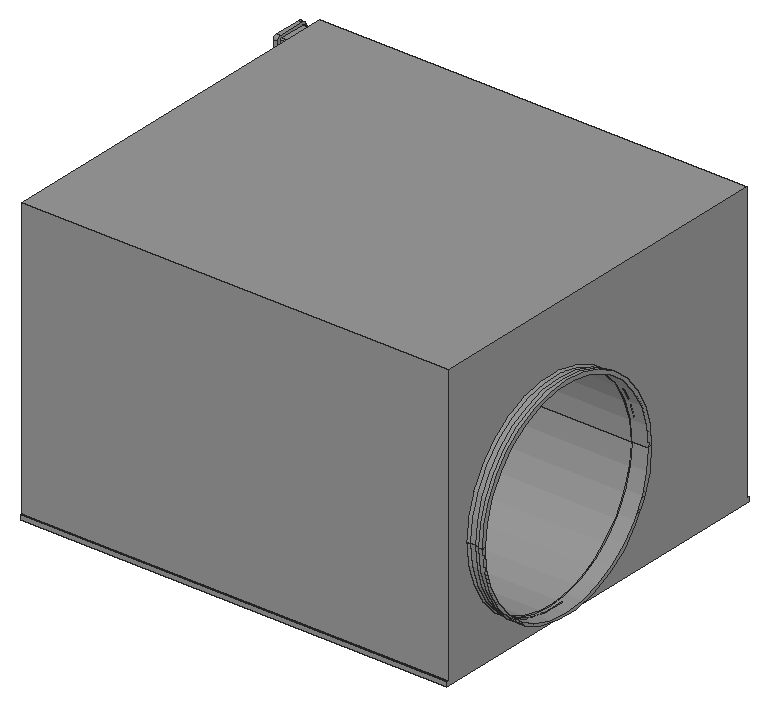
Revit family "IRB 500 B3 EC_7890043", category Mechanical Equipment, Revit 2014
Parameters (values of type "IRB 500 B3 EC")
  Wiring diagram = "4040147"
  Width = 1110 mm
  Weight = 99.30 kg
  Voltage range = "380-480 V"
  Voltage = 400 V
  Speed = "1230 rpm"
  Sound pressure level at 3 m = "63 dB(A)"
  Power = 1330 W
  Phase = 3
  Max. temperature of transported air when speed controlled = 60 °C
  Max. temperature of transported air = 60 °C
  Main Material = Steel, Galvanized
  Height = 908 mm
  Frequency = 50 Hz
  Elevation [instance] = 2600 mm
  Diameter = 500 mm
  Description = "Insulated duct fans with circular connections"
  Depth = 681 mm
  Current = 2.09 A
  Capacitor = "- µF"
Reference planes
  plane 1 "Center (Front/Back)": y = 0
  plane 2: z = 0
  plane 3 "Center (Left/Right)": x = 0
  plane 4: z = 2600
Dimensions and locks
  "Elevation": plane 4 to plane 2
  aligned and locked: level to plane 2
  aligned and locked: plane 3 "Center (Left/Right)" to nested 1
  aligned and locked: plane 1 "Center (Front/Back)" to nested 1
  aligned and locked: nested 1 to nested 2  (x2)
  aligned and locked: nested 1 to plane 4
Nested families
  nested 1: "IRB" at (0, 0, 2600), type "IRB"
  nested 2: "Flow direction symbol" at (0, 0, 0), type "Flow direction symbol"
Connectors
  electrical at (-555, 402.5, 3229.5), driven by "Phase", driven by "Voltage", driven by "Power"
    settings: on nested 1, index 1, voltage 400 V, apparent load 0 VA, apparent load phase1 1330 VA, apparent load phase2 0 VA, apparent load phase3 0 VA, power factor 1, load classification "Other", number of poles 3, system type 31, power factor state 1, is connector primary yes, connector utility no, sub classification motor no, connector description ""
  hvac at (-555, -144.5, 2886), driven by "Diameter"
    settings: on nested 1, index 4, duct flow 0.0 L/s, flow factor 0, pres drop 0.0 Pa, loss coef 0, conn angle 0.00°, conn width 304.8 mm, conn height 304.8 mm, conn diameter 500 mm, duct sys type 1, conn prof type 0, flow config 0, flow direction 1, loss method 0, conn ref index -1, conn util no, is conn primary yes, conn desc ""
  hvac at (547, -144, 2886), driven by "Diameter"
    settings: on nested 1, index 5, duct flow 0.0 L/s, flow factor 0, pres drop 0.0 Pa, loss coef 0, conn angle 0.00°, conn width 304.8 mm, conn height 304.8 mm, conn diameter 500 mm, duct sys type 3, conn prof type 0, flow config 0, flow direction 2, loss method 0, conn ref index -1, conn util no, is conn primary no, conn desc ""
Definition of nested family "IRB"
  Parameters (values of type "IRB")
    Width = 1110 mm
    Main Material = Steel, Galvanized
    Height = 908 mm
    Description = ""
    Depth = 681 mm
  Reference planes
    plane 1 "Center (Front/Back)": y = 0
    plane 2: z = 0
    plane 3 "Center (Left/Right)": x = 0
    plane 4: z = 681
    plane 5 "Horizontal Pipe Axis": z = 430
    plane 6: z = 10
    plane 7: z = 671
    plane 8: x = -513.5
    plane 9: x = 513.5
    plane 10: x = -555
    plane 11: x = 555
    plane 12: y = 454
    plane 13: y = -454
    plane 14: y = 444
    plane 15: x = -545
    plane 16: y = -144
    plane 17: z = 286
  Forms (mm)
    Extrusion 1, solid, material "Steel, Galvanized" <- "Main Material", detail levels medium+fine
      sketch origin (0, 0, 0) x (0, 1, 0) y (0, 0, 1)
        loop
          line (-454, 0) -> (454, 0) -> (454, 10) -> (449, 10) -> (449, 11) -> (449, 681) -> (-449, 681) -> (-449, 10) -> (-454, 10) -> (-454, 0)
      from -513.5 to 513.5
    Extrusion 2, void
      sketch origin (0, 64.5, -161.869) x (0, 1, 0) y (0, 0, 1)
        loop
          circle (-209.5, 446.497) r 247
      from -1429.857 to 1385.5
    Extrusion 3, solid, material "Steel, Galvanized" <- "Main Material", detail levels coarse
      sketch origin (0, 0, 0) x (0, 1, 0) y (0, 0, 1)
        loop
          line (454, 681) -> (-454, 681) -> (-454, 0) -> (454, 0) -> (454, 681)
      from -513.5 to 513.5
    Sweep 4, solid, material "Plastic, Opaque White", detail levels fine
      path origin (0, 0, 0) x (1, 0, 0) y (0, 1, 0)
        loop
          line (-545, 444) -> (-555, 444)
      profile origin (-550, 444, 0) x (0, -1, 0) y (0, 0, 1)
        loop
          arc (8.073, 671) -> (2.365, 668.635) -> (0, 662.927) r 8.073
          line (0, 662.927) -> (0, 596.073)
          arc (0, 596.073) -> (2.365, 590.365) -> (8.073, 588) r 8.073
          line (8.073, 588) -> (74.927, 588)
          arc (74.927, 588) -> (80.635, 590.365) -> (83, 596.073) r 8.073
          line (83, 596.073) -> (83, 662.927)
          arc (83, 662.927) -> (80.635, 668.635) -> (74.927, 671) r 8.073
          line (74.927, 671) -> (8.073, 671)
    Sweep 5, solid, material "Plastic, Opaque White", detail levels fine
      path origin (0, 0, 0) x (1, 0, 0) y (0, 1, 0)
        loop
          line (-545, 402.5) -> (-513.5, 402.5)
      profile origin (-529.25, 402.5, 0) x (0, 1, 0) y (0, 0, 1)
        loop
          line (33.427, 666) -> (-33.427, 666)
          arc (-33.427, 666) -> (-35.6, 665.1) -> (-36.5, 662.927) r 3.073
          line (-36.5, 662.927) -> (-36.5, 596.073)
          arc (-36.5, 596.073) -> (-35.6, 593.9) -> (-33.427, 593) r 3.073
          line (-33.427, 593) -> (33.427, 593)
          arc (33.427, 593) -> (35.6, 593.9) -> (36.5, 596.073) r 3.073
          line (36.5, 596.073) -> (36.5, 662.927)
          arc (36.5, 662.927) -> (35.6, 665.1) -> (33.427, 666) r 3.073
    Extrusion 6, void, detail levels medium+fine
      sketch origin (0, 64.5, -123.605) x (0, 1, 0) y (0, 0, 1)
        loop
          circle (-209.5, 407.499) r 248
      from -809.837 to 891.662
    Extrusion 7, solid, material "Steel, Galvanized" <- "Main Material", detail levels coarse
      sketch origin (0, 66, -116.163) x (0, 1, 0) y (0, 0, -1)
        loop
          circle (-208.916, -402.799) r 249
      from 513.5 to 555
    Extrusion 8, void
      sketch origin (0, 64.5, -122.872) x (0, 1, 0) y (0, 0, 1)
        loop
          circle (-209.5, 407.499) r 248
      from -809.837 to 700
    Revolve 9, solid, material "Steel, Galvanized" <- "Main Material", detail levels medium+fine
      sketch origin (0, 34.5, 286) x (-1, 0, 0) y (0, -1, 0)
        loop
          line (555, -75.416) -> (555, 178.5) -> (513.5, 178.5) -> (513.5, -71.416)
          arc (513.5, -71.416) -> (517.75, -73.416) -> (522, -71.416) r 5.516
          line (522, -71.416) -> (537, -71.416) -> (537, -73.416) -> (547, -73.416) -> (547, -75.416) -> (555, -75.416)
        axis (513.5, 178.5) -> (555, 178.5)
      angle from 0 to 360
    Extrusion 10, solid, material "Steel, Galvanized" <- "Main Material", detail levels coarse
      sketch origin (0, 66, -116.163) x (0, 1, 0) y (0, 0, 1)
        loop
          circle (-208.916, 402.799) r 249
      from 513.5 to 555
    Revolve 11, solid, material "Steel, Galvanized" <- "Main Material", detail levels medium+fine
      sketch origin (0, 34.5, 286) x (1, 0, 0) y (0, 1, 0)
        loop
          line (555, 75.416) -> (547, 75.416) -> (547, 73.416) -> (537, 73.416) -> (537, 71.416) -> (522, 71.416)
          arc (522, 71.416) -> (517.75, 73.416) -> (513.5, 71.416) r 5.516
          line (513.5, 71.416) -> (513.5, -178.5) -> (555, -178.5) -> (555, 75.416)
        axis (513.5, -178.5) -> (555, -178.5)
      angle from 0 to 360
  Cuts and joins
    Extrusion 2 cuts Extrusion 1
    joined: Sweep 4, Sweep 5
    Extrusion 6 cuts Extrusion 3
    Extrusion 8 cuts Revolve 9
    Extrusion 2 cuts Revolve 11
  Dimensions and locks
    equal spacing: plane 10, plane 3 "Center (Left/Right)", plane 11
    "Width": plane 10 to plane 11
    "Depth": plane 4 to level
    locked: plane 12 to plane 14 at 10
    locked: plane 4 to plane 7 at 10
    locked: plane 10 to plane 15 at 10
    locked: plane 10 to plane 8 at 41.5
    locked: plane 9 to plane 11 at 41.5
    locked: Sweep 5 sketch curve to plane 7 at 5
    locked: plane 14 to Sweep 5 sketch curve at 5
    plane 4 to plane 5 "Horizontal Pipe Axis" = 251 mm
    equal spacing: plane 12, plane 1 "Center (Front/Back)", plane 13
    "Height": plane 12 to plane 13
    aligned and locked: level to plane 2
    aligned and locked: Extrusion 1 sketch curve to plane 13
    aligned and locked: plane 2 to Extrusion 1 sketch curve
    aligned and locked: Extrusion 1 sketch curve to plane 12
    aligned and locked: Extrusion 1 to plane 9
    aligned and locked: Extrusion 1 to plane 8
    aligned and locked: plane 4 to Extrusion 3 sketch curve
    aligned and locked: plane 12 to Extrusion 3 sketch curve
    aligned and locked: Extrusion 3 to plane 8
    aligned and locked: Extrusion 3 to plane 9
    aligned and locked: plane 10 to Sweep 4 sketch curve
    aligned and locked: plane 15 to Sweep 4 sketch curve
    aligned and locked: Sweep 4 sketch curve to plane 7
    aligned and locked: Sweep 4 sketch curve to plane 14
    aligned and locked: plane 8 to Sweep 5 sketch curve
    aligned and locked: plane 15 to Sweep 5 sketch curve
    aligned and locked: Extrusion 10 to cut or joined group of Extrusion 3, Extrusion 6
    aligned and locked: Extrusion 10 to plane 11
    aligned and locked: Extrusion 7 to cut or joined group of Extrusion 3, Extrusion 6
    aligned and locked: Extrusion 7 to plane 10
  Automatic sketch dimensions
    Extrusion 1 sketch curve to plane 4 = 0 mm
    Extrusion 1 sketch curve to plane 6 = 0 mm  (x2)
    Extrusion 1 sketch curve to plane 13 = 5 mm
    Extrusion 1 sketch curve to plane 12 = 5 mm
    Extrusion 1 sketch curve to Extrusion 1 sketch curve = 1 mm
    Extrusion 2 sketch curve to plane 16 = 1 mm
    Extrusion 2 sketch curve to plane 17 = 1.372 mm
    Extrusion 3 sketch curve to plane 13 = 0 mm
    Extrusion 3 sketch curve to level = 0 mm
    Sweep 4 sketch curve to plane 14 = 0 mm
    Sweep 4 sketch curve to profile plane = 8.073 mm  (x2)
    Sweep 4 sketch curve to Sweep 4 sketch curve = 66.854 mm  (x3)
    Sweep 4 sketch curve to Sweep 4 sketch curve = 8.073 mm
    Sweep 5 sketch curve to plane 14 = 41.5 mm
    Sweep 5 sketch curve to Sweep 5 sketch curve = 3.073 mm  (x3)
    profile plane to Sweep 5 sketch curve = 33.427 mm  (x2)
    Sweep 5 sketch curve to Sweep 5 sketch curve = 66.854 mm
    Extrusion 6 sketch curve to plane 16 = 1 mm
    Extrusion 6 sketch curve to plane 17 = 2.106 mm
    plane 16 to Extrusion 7 sketch curve = 1.084 mm
    plane 17 to Extrusion 7 sketch curve = 0.636 mm
    Extrusion 8 sketch curve to plane 16 = 1 mm
    Extrusion 8 sketch curve to plane 17 = 1.372 mm
    Revolve 9 sketch curve to plane 8 = 0 mm  (x2)
    Revolve 9 sketch curve to plane 10 = 0 mm
    Revolve 9 sketch curve to plane 16 = 0 mm  (x2)
    Revolve 9 sketch curve to plane 8 = 4.25 mm
    Revolve 9 sketch curve to Revolve 9 sketch curve = 4.25 mm
    plane 15 to Revolve 9 sketch curve = 8 mm
    Revolve 9 sketch curve to plane 15 = 2 mm
    Revolve 9 sketch curve to plane 1 "Center (Front/Back)" = 102.4 mm
    Revolve 9 sketch curve to Revolve 9 sketch curve = 3.515 mm
    Revolve 9 sketch curve to Revolve 9 sketch curve = 2 mm  (x2)
    Revolve 9 sketch curve to Revolve 9 sketch curve = 93.5 mm
    plane 16 to Extrusion 10 sketch curve = 1.084 mm
    plane 17 to Extrusion 10 sketch curve = 0.636 mm
    Revolve 11 sketch curve to plane 9 = 0 mm  (x2)
    Revolve 11 sketch curve to plane 11 = 0 mm
    Revolve 11 sketch curve to plane 16 = 0 mm  (x2)
    Revolve 11 sketch curve to plane 9 = 4.25 mm
    Revolve 11 sketch curve to Revolve 11 sketch curve = 4.25 mm
    Revolve 11 sketch curve to Revolve 11 sketch curve = 15 mm
    plane 11 to Revolve 11 sketch curve = 8 mm
    Revolve 11 sketch curve to plane 1 "Center (Front/Back)" = 102.4 mm
    Revolve 11 sketch curve to Revolve 11 sketch curve = 3.515 mm
    Revolve 11 sketch curve to Revolve 11 sketch curve = 2 mm  (x2)
    Revolve 11 sketch curve to Revolve 11 sketch curve = 93.5 mm
    radius of Extrusion 2 sketch curve = 247 mm
    radius of Extrusion 6 sketch curve = 248 mm
    radius of Extrusion 7 sketch curve = 249 mm
    radius of Extrusion 8 sketch curve = 248 mm
    radius of Extrusion 10 sketch curve = 249 mm
Definition of nested family "Flow direction symbol"
  Parameters (values of type "Flow direction symbol")
    Warning = "!"
    Text = "DIMENSIONS OVERCONSTRAINT"
  Reference planes
    plane 1: y = 0
    plane 2: x = 0
  Lines and regions (mm)
    detail lines
      curve 1: line (-0.506, 0.877, 0) -> (-0.506, -0.877, 0)
      curve 2: line (1.012, 0, 0) -> (-0.506, -0.877, 0)
      curve 3: line (-0.506, 0.877, 0) -> (1.012, 0, 0)
      curve 4: circle (0, 0, 0) r 1 normal (0, 0, 1)
